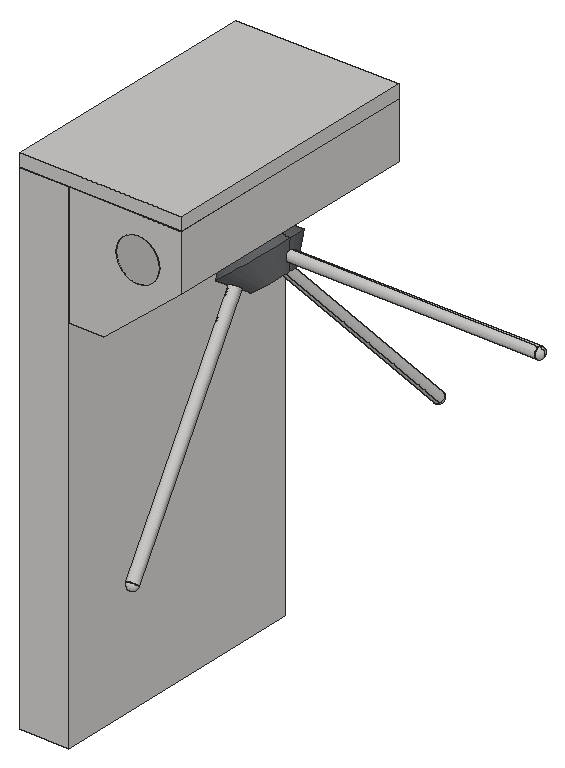
Revit family "CAME_Турникет_Трипод_STILE_500", category Специальное оборудование, Revit 2019
Family settings
  Размер круглого соединителя = Использовать диаметр
  Тип детали = Нормальный
  На основе рабочей плоскости = Нет
  Всегда вертикально = Да
  При загрузке вырезать с полостями = Нет
  Общий = Нет
  Точка расчета площади = Нет
Parameters
  Описание = "Турникет-трипод моторизованный. Корпус и преграды из нержавеющей стали AISI 304. Оснащен платой управления и светодиодными указателями прохода. Стержни-барьеры с электродоводкой. Автоматическая разблокировка при аварийном отключении электроэнергии. Встроенный блок питания."
  Минимальная ширина проема = 790 mm  # constant formula
  Изготовитель = "CAME"  # constant formula
  Группа модели = "Турникеты"
  Watermark [instance] = "Модели защищены уникальным кодом"
  URL = "https://camerussia.com"
  CAME_Тип механизма турникета = "моторизованный"  # constant formula
  CAME_Напряжение электропитания двигателя (В) = 24 V  # constant formula
  CAME_Максимальное количество проходов в минуту = "48"  # constant formula
  CAME_Класс защиты (IP) = "54"  # constant formula
  CAME_Интенсивность использования (%) = "ИНТЕНСИВНОЕ"  # constant formula
  CAME_Диапазон рабочих температур (°C) = "-20 ÷ +68"  # constant formula
  BL_Разработано = "support@bimlib.pro"  # constant formula
  BL_Email = "cru.info@came.com"  # constant formula
  BL_BIM library = "https://bimlib.pro/manufacturer/came/cf0b6efe-31e5-4ffa-b7ea-1d6fa84041d4/?tab=products"
  ADSK_Размер_Ширина = 770 mm  # constant formula
  ADSK_Размер_Глубина = 500 mm  # constant formula
  ADSK_Размер_Высота = 955 mm  # constant formula
  ADSK_Полная мощность = ADSK_Номинальная мощность / ADSK_Коэффициент мощности  # 12.5 VA
  ADSK_Обозначение = "ТУ 26.30.50-001-89603926-2021"  # constant formula
  ADSK_Номинальная мощность = 12 W  # constant formula
  ADSK_Напряжение = 230 V  # constant formula
  ADSK_Наименование краткое = "Турникет-трипод STILE 500"  # constant formula
  ADSK_Наименование = "Турникет-трипод моторизованный STILE 500"  # constant formula
  ADSK_Масса_Текст = "33 кг"  # constant formula
  ADSK_Масса = 33  # constant formula
  ADSK_Марка = "АРТ:001PSMM500E-01"  # constant formula
  ADSK_Коэффициент мощности = 0.96
  ADSK_Количество фаз = 1  # constant formula
  ADSK_Количество = 1  # constant formula
  ADSK_Код изделия = "Код КСР 26.30.50.119.61.2.07.09"  # constant formula
  ADSK_Классификация нагрузок = Прочее
  ADSK_Завод-изготовитель = "CAME"  # constant formula
  ADSK_Единица измерения = "шт."  # constant formula
  ADSK_Группирование = "STILE"  # constant formula
  ADSK_Версия семейства = "1.0"  # constant formula
  ADSK_Версия Revit = "2019"  # constant formula
  ADSK_URL страницы изделия = "https://camerussia.com/product/001psmm500e-01/"
  ADSK_URL документации изделия = "https://camerussia.com/uploads/support/instructions/files/Инструкция%20STILE-TWISTER-SALOON.pdf"
Reference planes
  plane 1 "По центру (Вперед/Назад)": y = 0
  plane 2: z = 0
  plane 3 "По центру (Влево/Вправо)": x = 0
  plane 4: y = 250
  plane 5: y = -250
  plane 6: z = 955
  plane 7: x = 770
  plane 8: z = 705
  plane 9: x = 300
  plane 10: x = 790
  plane 11: z = 930
  plane 12: x = 155
  plane 13: x = 90
Forms (mm)
  Extrusion 1, solid, material "CAME_Сталь_Нержавеющая_AISI 304", detail levels fine
    sketch origin (0, 0, 0) x (1, 0, 0) y (0, 0, 1)
      loop
        line (90, 705) -> (155, 705) -> (300, 826.669) -> (300, 930) -> (90, 930) -> (90, 705)
    from -250 to 250
  Extrusion 2, solid, material "CAME_Сталь_Нержавеющая_AISI 304", detail levels fine
    sketch origin (-126.098, -1524, 930) x (-1, 0, 0) y (0, -1, 0)
      loop
        line (-126.098, -1774) -> (-126.098, -1274) -> (-426.098, -1274) -> (-426.098, -1774) -> (-126.098, -1774)
    from 1 to 25
  Extrusion 3, solid, material "CAME_Стекло_Закаленное_Черное", detail levels fine
    sketch origin (866.16, -250, 1200) x (1, 0, 0) y (0, 0, 1)
      loop
        circle (-646.16, -345) r 40
    from 0 to 2
  Extrusion 4, solid, material "CAME_Стекло_Закаленное_Черное", detail levels fine
    sketch origin (-872.529, 250, 1200) x (-1, 0, 0) y (0, 0, 1)
      loop
        circle (-1092.529, -345) r 40
    from 0 to 2
  Extrusion 5, solid, material "CAME_Сталь_Нержавеющая_AISI 304", detail levels medium
    sketch origin (0, 0, 0) x (1, 0, 0) y (0, 0, 1)
      loop
        line (90, 705) -> (155, 705) -> (300, 826.669) -> (300, 955) -> (0, 955) -> (0, 0) -> (90, 0) -> (90, 705)
    from -250 to 250
  Extrusion 6, solid, material "CAME_Сталь_Нержавеющая_AISI 304", detail levels fine
    sketch origin (0, 0, 0) x (1, 0, 0) y (0, 1, 0)
      loop
        line (0, 250) -> (0, -250) -> (90, -250) -> (90, 250) -> (0, 250)
    from 0 to 930
Lines and regions (mm)
  model lines, style "CAME", detail levels coarse
    curve 1: line (0, 250, 0) -> (300, 250, 0)
    curve 2: line (0, -250, 0) -> (0, 250, 0)
    curve 3: line (300, -250, 0) -> (0, -250, 0)
    curve 4: line (300, 250, 0) -> (300, -250, 0)
    curve 5: line (300, 0, 0) -> (770, 0, 0)
    curve 6: line (300, 0, 0) -> (360.777, 344.683, 0)
    curve 7: line (300, 0, 0) -> (360.777, -344.683, 0)
    curve 8: line (90, 250, 0) -> (90, -250, 0)
Dimensions and locks
  equal spacing: plane 5, plane 1 "По центру (Вперед/Назад)", plane 4
  "ADSK_Размер_Глубина": plane 5 to plane 4
  "ADSK_Размер_Высота": plane 6 to plane 2
  locked: plane 6 to plane 8 at 250
  "ADSK_Размер_Ширина": plane 3 "По центру (Влево/Вправо)" to plane 7
  "Минимальная ширина проема": plane 3 "По центру (Влево/Вправо)" to plane 10
  locked: plane 3 "По центру (Влево/Вправо)" to plane 9 at 300
  locked: plane 6 to plane 11 at 25
  locked: plane 12 to plane 9 at 145
  locked: plane 6 to Extrusion 3 sketch curve at 100
  locked: plane 9 to Extrusion 3 sketch curve at 80
  locked: plane 13 to plane 3 "По центру (Влево/Вправо)" at 90
  locked: plane 8 to Extrusion 1 sketch curve (angle 40.00°)
  aligned and locked: level to plane 2
  aligned and locked: plane 9 to Extrusion 1 sketch curve
  aligned and locked: Extrusion 1 sketch curve to plane 8
  aligned and locked: plane 12 to Extrusion 1 sketch curve
  aligned and locked: plane 11 to Extrusion 1 sketch curve
  aligned and locked: plane 4 to Extrusion 1
  aligned and locked: plane 5 to Extrusion 1
  aligned and locked: Extrusion 2 sketch curve to Extrusion 1  (x3)
  aligned and locked: plane 6 to Extrusion 2
  aligned and locked: Extrusion 4 sketch curve to Extrusion 3  (x2)
  aligned and locked: Extrusion 1 to Extrusion 5 sketch curve
  aligned and locked: Extrusion 5 sketch curve to Extrusion 1  (x2)
  aligned and locked: plane 4 to Extrusion 5
  aligned and locked: plane 5 to Extrusion 5
  aligned and locked: nested 1 to plane 1 "По центру (Вперед/Назад)"
  aligned and locked: plane 13 to Extrusion 6 sketch curve
  aligned and locked: Extrusion 6 sketch curve to plane 4
  aligned and locked: plane 3 "По центру (Влево/Вправо)" to Extrusion 6 sketch curve
  aligned and locked: Extrusion 6 sketch curve to plane 5
  aligned and locked: plane 11 to Extrusion 6
  aligned and locked: Extrusion 6 to level
  aligned and locked: plane 13 to Extrusion 1 sketch curve
  aligned and locked: plane 6 to Extrusion 5 sketch curve
  aligned and locked: plane 3 "По центру (Влево/Вправо)" to Extrusion 5 sketch curve
  aligned and locked: plane 2 to Extrusion 5 sketch curve
  aligned and locked: plane 13 to Extrusion 5 sketch curve
  aligned and locked: Extrusion 2 to plane 3 "По центру (Влево/Вправо)"
Automatic sketch dimensions
  plane 13 to Extrusion 2 sketch curve = 90 mm
  curve 1 to plane 3 "По центру (Влево/Вправо)" = 0 mm
  curve 1 to plane 4 = 0 mm
  curve 3 to plane 9 = 0 mm
  plane 5 to curve 4 = 0 mm
  plane 1 "По центру (Вперед/Назад)" to curve 5 = 0 mm
  curve 5 to plane 7 = 0 mm
  plane 1 "По центру (Вперед/Назад)" to curve 6 = 0 mm
  plane 9 to curve 6 = 60.777 mm
  plane 4 to curve 6 = 94.683 mm
  plane 1 "По центру (Вперед/Назад)" to curve 7 = 0 mm
  plane 9 to curve 7 = 60.777 mm
  plane 5 to curve 7 = 94.683 mm
  curve 8 to plane 13 = 0 mm
  radius of Extrusion 3 sketch curve = 40 mm
Nested families
  nested 1: "CAME_Трипод" at (235.013, 0, 772.139) x (0.766, 0, 0.6428) z (0.6428, 0, -0.766), type "CAME_Трипод"
Connectors
  electrical at (45, 0, 0), driven by "ADSK_Количество фаз", driven by "ADSK_Напряжение", driven by "ADSK_Полная мощность", driven by "ADSK_Коэффициент мощности"
    settings: on Extrusion 6, index 1, voltage 230 V, apparent load 0 VA, apparent load phase1 12.5 VA, apparent load phase2 0 VA, apparent load phase3 0 VA, power factor 0.96, load classification "Прочее", number of poles 1, system type 31, power factor state 1, is connector primary yes, connector utility no, sub classification motor no, connector description ""
Definition of nested family "CAME_Трипод"
  Parameters (values of type "CAME_Трипод")
    Default Elevation = 1219.2 mm
    Материал крепления = none
    ADSK_Материал = none
  Reference planes
    plane 1 "По центру (Вперед/Назад)": y = 0
    plane 2: z = 0
    plane 3 "По центру (Влево/Вправо)": x = 0
    plane 4: z = 35
    plane 5 "A": through (0, 0, 1200) normal (-0.866, -0.5, 0)
    plane 6 "B": through (0, 0, 1200) normal (0.866, -0.5, 0)
  Forms (mm)
    Revolve 1, solid, material <- "ADSK_Материал", detail levels medium+fine
      sketch origin (0, 0, 0) x (1, 0, 0) y (0, 0, 1)
        loop
          line (62.5, 0) -> (73.667, 13.309) -> (38.314, 55.441) -> (0, 55.441) -> (0, 0) -> (62.5, 0)
        axis (0, 0) -> (0, 55.441)
      angle from 0 to 360
    Revolve 2, solid, material <- "ADSK_Материал", detail levels medium+fine
      sketch origin (0, 0, 0) x (1, 0, 0) y (0, 0, 1)
        loop
          line (47.835, 28.597) -> (54.238, 20.965) -> (414.279, 323.075) -> (407.876, 330.707) -> (47.835, 28.597)
        axis (47.835, 28.597) -> (407.876, 330.707)
      angle from 0 to 360
    Revolve 3, solid, material <- "ADSK_Материал", detail levels medium+fine
      sketch origin (0, 0, 1200) x (0.5, -0.866025, 0) y (0, 0, 1)
        loop
          line (-47.84, -1171.428) -> (-407.21, -869.88) -> (-414.308, -876.978) -> (-54.267, -1179.088) -> (-47.84, -1171.428)
        axis (-47.84, -1171.428) -> (-407.88, -869.318)
      angle from 0 to 360
    Revolve 4, solid, material <- "ADSK_Материал", detail levels medium+fine
      sketch origin (0, 0, 1200) x (0.5, 0.866025, 0) y (0, 0, 1)
        loop
          line (-40.179, -1177.856) -> (-407.21, -869.88) -> (-414.308, -876.978) -> (-46.607, -1185.516) -> (-40.179, -1177.856)
        axis (-40.179, -1177.856) -> (-407.88, -869.318)
      angle from 0 to 360
    Revolve 5, solid, material <- "ADSK_Материал", detail levels fine
      sketch origin (-27.75, -48.064, 35) x (-0.383022, -0.663414, 0.642788) y (-0.321394, -0.55667, -0.766044)
        loop
          line (460, 0) -> (470, 0)
          arc (470, 0) -> (467.071, 7.071) -> (460, 10) r 10
          line (460, 10) -> (460, 0)
        axis (460, 0) -> (470, 0)
      angle from 0 to 360
    Revolve 6, solid, material <- "ADSK_Материал", detail levels fine
      sketch origin (55.466, 0, 35) x (0.766044, 0, 0.642788) y (-0.642788, 0, 0.766044)
        loop
          arc (460.038, -9.962) -> (467.082, -7.044) -> (470, 0) r 9.962
          line (470, 0) -> (460.038, 0) -> (460.038, -9.962)
        axis (460.038, 0) -> (470, 0)
      angle from 0 to 360
    Revolve 7, solid, material <- "ADSK_Материал", detail levels fine
      sketch origin (-27.75, 48.064, 35) x (-0.383022, 0.663414, 0.642788) y (-0.321394, 0.55667, -0.766044)
        loop
          line (460, 0) -> (470, 0)
          arc (470, 0) -> (467.071, 7.071) -> (460, 10) r 10
          line (460, 10) -> (460, 0)
        axis (460, 0) -> (470, 0)
      angle from 0 to 360
  Cuts and joins
    joined: Revolve 1, Revolve 2, Revolve 3, Revolve 4
  Lines and regions (mm)
    reference lines
      curve 1: line (38.314, 0, 55.441) -> (73.667, 0, 13.309)
      curve 2: line (55.466, 0, 35) -> (488.281, 0, 398.175)
      curve 3: circle (0, 0, 35) r 55.5 normal (0, 0, 1)
      curve 4: line (-27.75, 48.064, 35) -> (-152.232, 263.674, 243.906)
      curve 5: line (-27.75, -48.064, 35) -> (-219.261, -379.771, 356.394)
  Dimensions and locks
    locked: plane 4 to plane 2 at 35
    locked: plane 1 "По центру (Вперед/Назад)" to plane 5 "A" (angle 120.00°)
    locked: plane 6 "B" to plane 1 "По центру (Вперед/Назад)" (angle 120.00°)
    angle curve 4 to plane 4 = 40.00°
    aligned and locked: level to plane 2
    aligned and locked: plane 3 "По центру (Влево/Вправо)" to Revolve 1 sketch curve
    aligned and locked: Revolve 1 sketch curve to Revolve 1 sketch curve
    aligned and locked: Revolve 2 sketch curve to curve 2
    aligned and locked: Revolve 3 sketch curve to curve 4
    aligned and locked: Revolve 4 sketch curve to curve 5
    aligned and locked: Revolve 5 sketch curve to curve 5
    aligned and locked: cut or joined group of Revolve 1, Revolve 2, Revolve 3, Revolve 4 to Revolve 5 sketch curve
    aligned and locked: curve 5 to Revolve 5 sketch curve
    aligned and locked: Revolve 6 sketch curve to curve 2
    aligned and locked: Revolve 6 sketch curve to cut or joined group of Revolve 1, Revolve 2, Revolve 3, Revolve 4
    aligned and locked: curve 2 to Revolve 6 sketch curve
    aligned and locked: Revolve 7 sketch curve to curve 4
    aligned and locked: curve 4 to Revolve 7 sketch curve
    aligned and locked: cut or joined group of Revolve 1, Revolve 2, Revolve 3, Revolve 4 to Revolve 7 sketch curve
